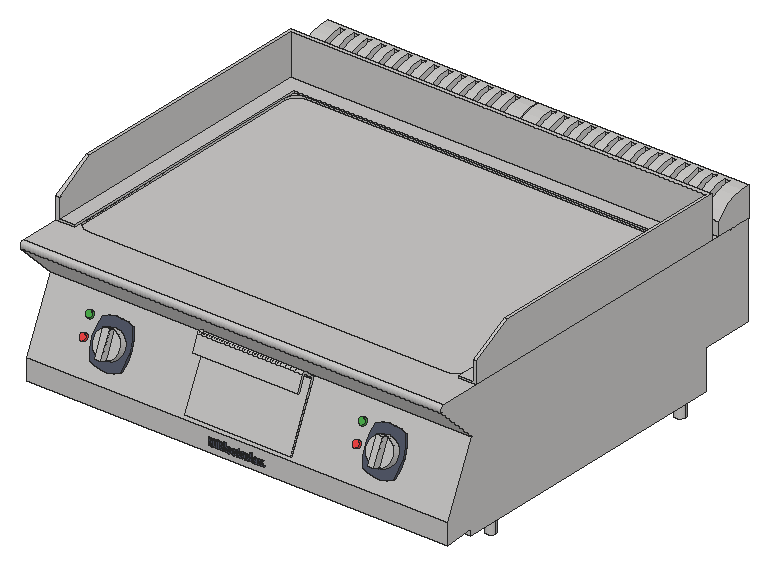
Revit family "QF_ELECTROLUXPROFESSIONAL_371197_E7FTEHCPI0", category Specialty Equipment, Revit 2018 (continued)
Automatic sketch dimensions
  Extrusion 21 sketch curve to Extrusion 21 sketch curve = 0.069 mm
  Extrusion 21 sketch curve to Extrusion 21 sketch curve = 1.88 mm
  Extrusion 21 sketch curve to Extrusion 21 sketch curve = 0.42 mm
  Extrusion 21 sketch curve to Extrusion 21 sketch curve = 0.062 mm
  Extrusion 21 sketch curve to Extrusion 21 sketch curve = 1.355 mm
  Extrusion 21 sketch curve to Extrusion 21 sketch curve = 2.34 mm
  Extrusion 21 sketch curve to Extrusion 21 sketch curve = 0.493 mm
  Extrusion 21 sketch curve to Extrusion 21 sketch curve = 0.136 mm
  Extrusion 21 sketch curve to Extrusion 21 sketch curve = 0.128 mm
  Extrusion 21 sketch curve to Extrusion 21 sketch curve = 3.616 mm
  Extrusion 21 sketch curve to Extrusion 21 sketch curve = 4.207 mm
  Extrusion 21 sketch curve to Extrusion 21 sketch curve = 0.183 mm
  Extrusion 21 sketch curve to Extrusion 21 sketch curve = 0.895 mm
  Extrusion 21 sketch curve to Extrusion 21 sketch curve = 1.314 mm
  Extrusion 21 sketch curve to Extrusion 21 sketch curve = 3.231 mm
  Extrusion 21 sketch curve to Extrusion 21 sketch curve = 1.299 mm
  Extrusion 21 sketch curve to Extrusion 21 sketch curve = 1.214 mm
  Extrusion 21 sketch curve to Extrusion 21 sketch curve = 1.264 mm
  Extrusion 21 sketch curve to Extrusion 21 sketch curve = 0.109 mm
  Extrusion 21 sketch curve to Extrusion 21 sketch curve = 0.357 mm
  Extrusion 21 sketch curve to Extrusion 21 sketch curve = 0.565 mm
  Extrusion 21 sketch curve to Extrusion 21 sketch curve = 2.504 mm
  Extrusion 21 sketch curve to Extrusion 21 sketch curve = 2.459 mm
  Extrusion 21 sketch curve to Extrusion 21 sketch curve = 1.322 mm
  Extrusion 21 sketch curve to Extrusion 21 sketch curve = 2.77 mm
  Extrusion 21 sketch curve to Extrusion 21 sketch curve = 2.51 mm
  Extrusion 21 sketch curve to Extrusion 21 sketch curve = 0.187 mm
  Extrusion 21 sketch curve to Extrusion 21 sketch curve = 2.559 mm
  Extrusion 21 sketch curve to Extrusion 21 sketch curve = 1.556 mm
  Extrusion 21 sketch curve to Extrusion 21 sketch curve = 0.222 mm
  Extrusion 21 sketch curve to Extrusion 21 sketch curve = 1.383 mm
  Extrusion 21 sketch curve to Extrusion 21 sketch curve = 3.114 mm
  Extrusion 21 sketch curve to Extrusion 21 sketch curve = 3.376 mm
  Extrusion 21 sketch curve to Extrusion 21 sketch curve = 0.934 mm
  Extrusion 21 sketch curve to Extrusion 21 sketch curve = 0.191 mm
  Extrusion 21 sketch curve to Extrusion 21 sketch curve = 3.696 mm
  Extrusion 21 sketch curve to Extrusion 21 sketch curve = 2.708 mm
  Extrusion 21 sketch curve to Extrusion 21 sketch curve = 3.333 mm
  Extrusion 21 sketch curve to Extrusion 21 sketch curve = 0.332 mm
  Extrusion 21 sketch curve to Extrusion 21 sketch curve = 1.087 mm
  Extrusion 21 sketch curve to Extrusion 21 sketch curve = 2.23 mm
  Extrusion 21 sketch curve to Extrusion 21 sketch curve = 2.757 mm
  Extrusion 21 sketch curve to Extrusion 21 sketch curve = 0.987 mm
  Extrusion 21 sketch curve to Extrusion 21 sketch curve = 1.529 mm
  Extrusion 21 sketch curve to Extrusion 21 sketch curve = 1.796 mm
  Extrusion 21 sketch curve to Extrusion 21 sketch curve = 2.859 mm
  Extrusion 21 sketch curve to Extrusion 21 sketch curve = 0.853 mm
  Extrusion 21 sketch curve to Extrusion 21 sketch curve = 1.241 mm
  Extrusion 21 sketch curve to Extrusion 21 sketch curve = 2.046 mm  (x2)
  Extrusion 21 sketch curve to Extrusion 21 sketch curve = 2.422 mm
  Extrusion 21 sketch curve to Extrusion 21 sketch curve = 0.27 mm  (x2)
  Extrusion 21 sketch curve to Extrusion 21 sketch curve = 0.69 mm
  Extrusion 21 sketch curve to Extrusion 21 sketch curve = 0.781 mm  (x2)
  Extrusion 21 sketch curve to Extrusion 21 sketch curve = 3.136 mm
  Extrusion 21 sketch curve to Extrusion 21 sketch curve = 1.767 mm
  Extrusion 21 sketch curve to Extrusion 21 sketch curve = 0.138 mm
  Extrusion 21 sketch curve to Extrusion 21 sketch curve = 0.777 mm
  Extrusion 21 sketch curve to Extrusion 21 sketch curve = 1.19 mm
  Extrusion 21 sketch curve to Extrusion 21 sketch curve = 0.782 mm
  Extrusion 21 sketch curve to Extrusion 21 sketch curve = 1.268 mm
  Extrusion 21 sketch curve to Extrusion 21 sketch curve = 0.422 mm  (x2)
  Extrusion 21 sketch curve to Extrusion 21 sketch curve = 1.559 mm
  Extrusion 21 sketch curve to Extrusion 21 sketch curve = 3.927 mm
  Extrusion 21 sketch curve to Extrusion 21 sketch curve = 0.983 mm
  Extrusion 21 sketch curve to Extrusion 21 sketch curve = 1.134 mm
  Extrusion 21 sketch curve to Extrusion 21 sketch curve = 0.094 mm
  plane 7 "Center Y" to Extrusion 21 sketch curve = 1.575 mm
  Extrusion 21 sketch curve to Extrusion 21 sketch curve = 1.501 mm
  Extrusion 21 sketch curve to Extrusion 21 sketch curve = 1.808 mm
  Extrusion 21 sketch curve to Extrusion 21 sketch curve = 0.643 mm
  Extrusion 21 sketch curve to Extrusion 21 sketch curve = 0.916 mm
  Extrusion 21 sketch curve to Extrusion 21 sketch curve = 0.352 mm
  Extrusion 21 sketch curve to Extrusion 21 sketch curve = 0.458 mm
  Extrusion 21 sketch curve to Extrusion 21 sketch curve = 1.282 mm
  Extrusion 21 sketch curve to Extrusion 21 sketch curve = 1.363 mm
  Extrusion 21 sketch curve to Extrusion 21 sketch curve = 0.685 mm
  Extrusion 21 sketch curve to Extrusion 21 sketch curve = 0.905 mm
  Extrusion 21 sketch curve to Extrusion 21 sketch curve = 2.865 mm
  Extrusion 21 sketch curve to Extrusion 21 sketch curve = 0.472 mm
  Extrusion 21 sketch curve to Extrusion 21 sketch curve = 0.101 mm
  Extrusion 21 sketch curve to Extrusion 21 sketch curve = 0.54 mm
  Extrusion 21 sketch curve to Extrusion 21 sketch curve = 0.02 mm
  Extrusion 21 sketch curve to Extrusion 21 sketch curve = 0.468 mm
  Extrusion 21 sketch curve to Extrusion 21 sketch curve = 0.829 mm
  Extrusion 21 sketch curve to Extrusion 21 sketch curve = 0.582 mm
  Extrusion 21 sketch curve to Extrusion 21 sketch curve = 0.166 mm
  Extrusion 21 sketch curve to Extrusion 21 sketch curve = 0.16 mm
  Extrusion 21 sketch curve to Extrusion 21 sketch curve = 2.781 mm
  Extrusion 21 sketch curve to Extrusion 21 sketch curve = 1.118 mm
  Extrusion 21 sketch curve to Extrusion 21 sketch curve = 0.613 mm
  Extrusion 21 sketch curve to Extrusion 21 sketch curve = 0.361 mm
  Extrusion 21 sketch curve to Extrusion 21 sketch curve = 0.897 mm
  Extrusion 21 sketch curve to Extrusion 21 sketch curve = 0.167 mm
  Extrusion 21 sketch curve to Extrusion 21 sketch curve = 0.292 mm
  Extrusion 21 sketch curve to Extrusion 21 sketch curve = 0.305 mm
  Extrusion 21 sketch curve to Extrusion 21 sketch curve = 1.557 mm
  Extrusion 21 sketch curve to Extrusion 21 sketch curve = 2.499 mm
  Extrusion 21 sketch curve to Extrusion 21 sketch curve = 3.062 mm
  Extrusion 21 sketch curve to Extrusion 21 sketch curve = 2.968 mm
  Extrusion 21 sketch curve to Extrusion 21 sketch curve = 5.044 mm
  Extrusion 21 sketch curve to Extrusion 21 sketch curve = 0.629 mm  (x2)
  Extrusion 21 sketch curve to Extrusion 21 sketch curve = 1.131 mm
  Extrusion 21 sketch curve to Extrusion 21 sketch curve = 0.137 mm
  Extrusion 21 sketch curve to Extrusion 21 sketch curve = 0.027 mm
  Extrusion 21 sketch curve to Extrusion 21 sketch curve = 2.235 mm
  plane 1 "BACK" to Extrusion 23 sketch curve = 6.761 mm  (x14)
  Extrusion 23 sketch curve to Extrusion 23 sketch curve = 57.15 mm
  Extrusion 23 sketch curve to Extrusion 23 sketch curve = 0 mm  (x13)
  plane 3 "LEFT" to Extrusion 23 sketch curve = 29.703 mm
  Extrusion 23 sketch curve to Extrusion 23 sketch curve = 9.296 mm  (x14)
  Extrusion 23 sketch curve to Extrusion 23 sketch curve = 16.193 mm  (x13)
  Extrusion 9 sketch curve to Extrusion 9 sketch curve = 0 mm  (x2)
  Extrusion 9 sketch curve to plane 5 "FRONT" = 16.776 mm
  Extrusion 9 sketch curve to Extrusion 9 sketch curve = 2.884 mm  (x3)
  Extrusion 9 sketch curve to plane 5 "FRONT" = 34.179 mm
  Extrusion 9 sketch curve to Extrusion 9 sketch curve = 12.662 mm
  Extrusion 9 sketch curve to Extrusion 9 sketch curve = 1.711 mm
  Extrusion 9 sketch curve to Extrusion 9 sketch curve = 1.332 mm
  Extrusion 9 sketch curve to Extrusion 9 sketch curve = 2.245 mm
  Extrusion 9 sketch curve to Extrusion 9 sketch curve = 14.843 mm
  Extrusion 9 sketch curve to Extrusion 9 sketch curve = 3.809 mm
  plane 9 "BASE" to Extrusion 9 sketch curve = 52.105 mm
  Extrusion 9 sketch curve to Extrusion 9 sketch curve = 1.327 mm  (x2)
  Extrusion 9 sketch curve to Extrusion 9 sketch curve = 13.211 mm
  Extrusion 9 sketch curve to Extrusion 9 sketch curve = 0.787 mm
  plane 5 "FRONT" to curve 3 = 0 mm
  curve 14 to plane 4 "RIGHT" = 0 mm
  curve 13 to plane 3 "LEFT" = 0 mm
  plane 5 "FRONT" to curve 1 = 0 mm
  plane 1 "BACK" to curve 5 = 0 mm
  plane 5 "FRONT" to curve 5 = 0 mm
  plane 4 "RIGHT" to curve 3 = 150.019 mm
  curve 19 to plane 4 "RIGHT" = 6.35 mm
  plane 11 to curve 10 = 21.6 mm
  curve 10 to plane 4 "RIGHT" = 35.025 mm
  curve 10 to curve 10 = 25.4 mm
  curve 11 to curve 16 = 26.421 mm
  plane 12 to curve 15 = 0.647 mm
  plane 3 "LEFT" to curve 15 = 60.425 mm
  curve 21 to curve 9 = 60.425 mm
  curve 8 to curve 7 = 25.4 mm
  curve 17 to curve 9 = 6.35 mm
  curve 2 to plane 3 "LEFT" = 150.019 mm
  curve 2 to plane 1 "BACK" = 150.019 mm
  curve 13 to curve 7 = 53.035 mm
  curve 13 to curve 17 = 24.36 mm
  curve 10 to curve 20 = 25.4 mm
  curve 8 to curve 9 = 25.4 mm
  radius of Extrusion 12 sketch curve = 25.4 mm
  radius of Extrusion 13 sketch curve to Extrusion 12 = 0 mm  (x2)
  radius of Extrusion 15 sketch curve = 25.4 mm
  radius of Extrusion 16 sketch curve to Extrusion 15 = 0 mm  (x2)
  radius of Extrusion 3 sketch curve = 9.525 mm  (x4)
  radius of Extrusion 4 sketch curve = 12.7 mm
  radius of Extrusion 17 sketch curve = 6.35 mm
  radius of Extrusion 18 sketch curve = 6.35 mm
  radius of Extrusion 19 sketch curve = 6.35 mm
  radius of Extrusion 20 sketch curve = 6.35 mm
Connectors
  electrical at (749.3, -98.425, 57.718), driven by "Volts", driven by "Watts"
    settings: on Extrusion 4, index 1, voltage 400 V, apparent load 8400 VA, apparent load phase1 0 VA, apparent load phase2 0 VA, apparent load phase3 0 VA, power factor 1, load classification "Other", number of poles 1, system type 30, power factor state 1, is connector primary yes, connector utility no, sub classification motor no, connector description "Electrical Connection"
